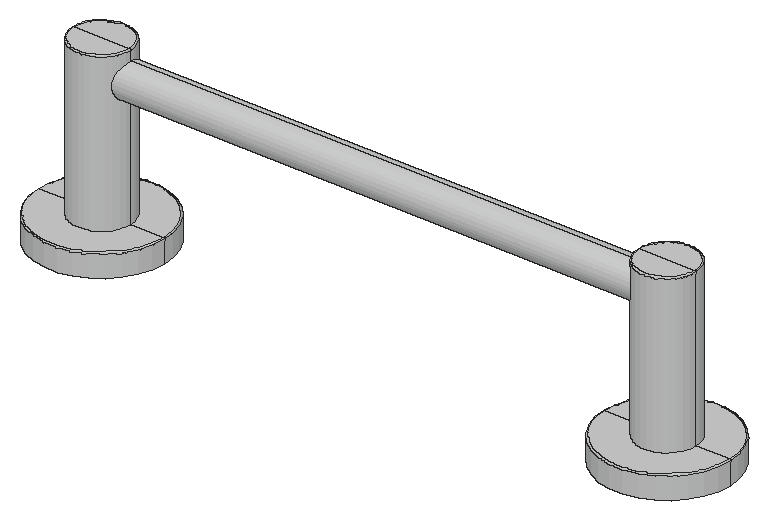
Revit family "TowelRail_Single_Abey_Builders_300_FaceBased", category Specialty Equipment, host Face, Revit 2022
Family settings
  Host = Face
  Round Connector Dimension = Use Diameter
  Part Type = Normal
  OmniClass Number = 23.31.25.25
  OmniClass Title = Towel Bars
  Cut with Voids When Loaded = No
  Maintain Annotation Orientation = No
  Shared = No
  Room Calculation Point = No
Parameters (values of type "Chrome (1AB-HTR-300)")
  Uniclass2015Version = "Products v1.38"
  Uniclass2015Title = "Towel rails"
  Uniclass2015Code = "Pr_40_20_76_90"
  URL = "https://www.abey.com.au/"
  Type Comments = "Towel Rail - Single - 300 - Chrome"
  ModifiedIssue = 20251103
  Model = "1AB-HTR-300"
  Material = Metal_Abey_Chrome
  ManufacturerURLProductSpecific = "https://www.abeyspecifier.com.au/product/abey-builders-towel-rail-300mm/"
  ManufacturerSpecCode = Model  # "1AB-HTR-300"
  ManufacturerOverallWidth = 300 mm  # constant formula
  ManufacturerOverallHeight = 55 mm  # constant formula
  ManufacturerOverallDepth = 78 mm  # constant formula
  Manufacturer = "Abey"
  Keynote = ""
  IfcExportType = "NOTDEFINED"
  IfcExportAs = "IfcFurniture"
  Description = "Abey Builders Hand Towel Rail 300mm Chrome"
  Default Elevation = 900 mm
  CreatedByURL = "https://igsgroup.com.au"
  CreatedBy = "IGS BIM Solutions"  # constant formula
  Cost = 0
  Assembly Code = "C1030210"
Types (3, lengths in mm): name | Type Comments | Model | Material | ManufacturerURLProductSpecific | ManufacturerSpecCode | Description
  Chrome (1AB-HTR-300) | "Towel Rail - Single - 300 - Chrome" | "1AB-HTR-300" | Metal_Abey_Chrome | "https://www.abeyspecifier.com.au/product/abey-builders-towel-rail-300mm/" | "1AB-HTR-300" | "Abey Builders Hand Towel Rail 300mm Chrome"
  Brushed Nickel (1AB-HTR-300-BN) | "Towel Rail - Single - 300 - Brushed Nickel" | "1AB-HTR-300-BN" | Metal_Abey_BrushedNickel | "https://www.abeyspecifier.com.au/product/abey-builders-towel-rail-300mm/?attribute_pa_finish=brushed-nickel" | "1AB-HTR-300-BN" | "Abey Builders Hand Towel Rail 300mm Brushed Nickel"
  Black (1AB-HTR-300-B) | "Towel Rail - Single - 300 - Black" | "1AB-HTR-300-B" | Metal_Abey_Black | "https://www.abeyspecifier.com.au/product/abey-builders-towel-rail-300mm/?attribute_pa_finish=black" | "1AB-HTR-300-B" | "Abey Builders Hand Towel Rail 300mm Black"
Reference planes
  plane 1 "Top": y = 46.5
  plane 2 "WallFace": z = 0
  plane 3 "Center (Left/Right)": x = -97.18
  plane 4 "Bottom": y = -8.5
  plane 5 "Left": x = -247.18
  plane 6 "Right": x = 52.82
  plane 7 "Back": z = 0
  plane 8 "Front": z = 78
  plane 9 "MountingHeight": y = 19
Text (mm)
  text "Disclaimer:\nDue to ongoing product development and manufacturing evolution, product details are subject to change without notice. Please refer to product technical data sheets on the manufacturers website for the most current product information. Please allow a +/- 5mm manufacturing tolerance for dimensions and set-outs shown in product literature." at (431.593, 11.453, 0), in view "Ref. Level"
Dimensions and locks
  equal spacing: plane 5 "Left", plane 3 "Center (Left/Right)", plane 6 "Right"
  "ManufacturerOverallWidth": plane 5 "Left" to plane 6 "Right"
  "ManufacturerOverallHeight": plane 4 "Bottom" to plane 1 "Top"
  "ManufacturerOverallDepth": plane 8 "Front" to plane 7 "Back"
  equal spacing: plane 4 "Bottom", plane 9 "MountingHeight", plane 1 "Top"
  aligned and locked: plane 2 "WallFace" to host face
  aligned and locked: level to host face
  aligned and locked: plane 7 "Back" to plane 2 "WallFace"
  aligned and locked: plane 7 "Back" to nested 1
  aligned and locked: plane 3 "Center (Left/Right)" to nested 1
  aligned and locked: nested 1 to plane 9 "MountingHeight"
Automatic sketch dimensions
  host sketch curve to host sketch curve = 894.338 mm
  host sketch curve to host sketch curve = 204.032 mm
Nested families
  nested 1: "z_TowelRail_Single_Abey_Builders_300" at (-34.68, 19, 177.5) x (1, 0, 0) z (0, 1, 0), type "Type 1"
Definition of nested family "z_TowelRail_Single_Abey_Builders_300"
  Parameters (values of type "Type 1")
    URL = "https://www.abey.com.au/"
    Type Comments = ""
    Model = ""
    ManufacturerOverallWidth = 300 mm  # constant formula
    ManufacturerOverallHeight = 55 mm  # constant formula
    ManufacturerOverallDepth = 78 mm  # constant formula
    Manufacturer = "Abey"  # constant formula
    Description = ""
    Default Elevation = 0 mm
    CreatedByURL = "https://igsgroup.com.au"
    CreatedBy = "IGS BIM Solutions"  # constant formula
    Material = none
    Assembly Code = "C1030210"
  Reference planes
    plane 1 "Ref. Level": z = 0
    plane 2 "Left": x = -212.5
    plane 3 "Right": x = 87.5
    plane 4 "Back": y = 177.5
    plane 5 "Center (Elevation)": z = 0
    plane 6 "Top": z = 27.5
    plane 7 "Center (Left/Right)": x = -62.5
    plane 8 "Front": y = 99.5
    plane 9 "Bottom": z = -27.5
  Forms (mm)
    Revolve 1, solid, material <- "Material"
      sketch origin (0, 0, 0) x (0, -1, 0) y (1, 0, 0)
        loop
          line (-177.5, -185) -> (-177.5, -212.5) -> (-168, -212.5)
          arc (-168, -212.5) -> (-167.646, -212.354) -> (-167.5, -212) r 0.5
          line (-167.5, -212) -> (-167.5, -197.5) -> (-100, -197.5)
          arc (-100, -197.5) -> (-99.646, -197.354) -> (-99.5, -197) r 0.5
          line (-99.5, -197) -> (-99.5, -185) -> (-177.5, -185)
        axis (-99.5, -185) -> (-177.5, -185)
      angle from 0 to 360
    Revolve 2, solid, material <- "Material"
      sketch origin (0, 0, 0) x (0, -1, 0) y (1, 0, 0)
        loop
          line (-177.5, 60) -> (-99.5, 60) -> (-99.5, 72)
          arc (-99.5, 72) -> (-99.646, 72.354) -> (-100, 72.5) r 0.5
          line (-100, 72.5) -> (-167.5, 72.5) -> (-167.5, 87)
          arc (-167.5, 87) -> (-167.646, 87.354) -> (-168, 87.5) r 0.5
          line (-168, 87.5) -> (-177.5, 87.5) -> (-177.5, 60)
        axis (-99.5, 60) -> (-177.5, 60)
      angle from 0 to 360
    Revolve 3, solid, material <- "Material"
      sketch origin (0, 0, 0) x (0, -1, 0) y (1, 0, 0)
        loop
          line (-104, -179.674) -> (-104, 55.895) -> (-111.5, 55.895) -> (-111.5, -179.674) -> (-104, -179.674)
        axis (-111.5, 55.895) -> (-111.5, -179.674)
      angle from 0 to 360
  Cuts and joins
    joined: Revolve 1, Revolve 2, Revolve 3
  Lines and regions (mm)
    Masking region 1
      outline origin (0, 0, 27.5) x (0, -1, 0) y (1, 0, 0)
        loop
          line (-177.5, -212.5) -> (-168, -212.5)
          arc (-168, -212.5) -> (-167.646, -212.354) -> (-167.5, -212) r 0.5
          line (-167.5, -212) -> (-167.5, -197.5) -> (-100, -197.5)
          arc (-100, -197.5) -> (-99.646, -197.354) -> (-99.5, -197) r 0.5
          line (-99.5, -197) -> (-99.5, -173)
          arc (-99.5, -173) -> (-99.646, -172.646) -> (-100, -172.5) r 0.5
          line (-100, -172.5) -> (-104, -172.5) -> (-104, 47.5) -> (-100, 47.5)
          arc (-100, 47.5) -> (-99.646, 47.646) -> (-99.5, 48) r 0.5
          line (-99.5, 48) -> (-99.5, 72)
          arc (-99.5, 72) -> (-99.646, 72.354) -> (-100, 72.5) r 0.5
          line (-100, 72.5) -> (-167.5, 72.5) -> (-167.5, 87)
          arc (-167.5, 87) -> (-167.646, 87.354) -> (-168, 87.5) r 0.5
          line (-168, 87.5) -> (-177.5, 87.5) -> (-177.5, 32.5) -> (-168, 32.5)
          arc (-168, 32.5) -> (-167.646, 32.646) -> (-167.5, 33) r 0.5
          line (-167.5, 33) -> (-167.5, 47.5) -> (-119, 47.5) -> (-119, -172.5) -> (-167.5, -172.5) -> (-167.5, -158)
          arc (-167.5, -158) -> (-167.646, -157.646) -> (-168, -157.5) r 0.5
          line (-168, -157.5) -> (-177.5, -157.5) -> (-177.5, -212.5)
    symbolic lines, detail levels medium+fine
      curve 1: line (-172.5, 119, 27.5) -> (-172.5, 104, 27.5)
      curve 2: line (47.5, 104, 27.5) -> (47.5, 119, 27.5)
      curve 3: line (-197.5, 167.5, 27.5) -> (-172.5, 167.5, 27.5)
      curve 4: line (47.5, 167.5, 27.5) -> (72.5, 167.5, 27.5)
  Dimensions and locks
    "ManufacturerOverallWidth": plane 2 "Left" to plane 3 "Right"
    equal spacing: plane 2 "Left", plane 7 "Center (Left/Right)", plane 3 "Right"
    "ManufacturerOverallDepth": plane 8 "Front" to plane 4 "Back"
    equal spacing: plane 6 "Top", plane 5 "Center (Elevation)", plane 9 "Bottom"
    "ManufacturerOverallHeight": plane 6 "Top" to plane 9 "Bottom"
    aligned and locked: level to plane 1 "Ref. Level"
  Automatic sketch dimensions
    Revolve 1 sketch curve to plane 2 "Left" = 0 mm
    plane 4 "Back" to Revolve 1 sketch curve = 0 mm  (x2)
    plane 8 "Front" to Revolve 1 sketch curve = 0 mm
    Revolve 1 sketch curve to Revolve 1 sketch curve = 9.5 mm
    plane 4 "Back" to Revolve 1 sketch curve = 10 mm
    Revolve 1 sketch curve to plane 8 "Front" = 0.5 mm
    Revolve 1 sketch curve to plane 4 "Back" = 12.5 mm
    Revolve 2 sketch curve to plane 3 "Right" = 0 mm
    plane 4 "Back" to Revolve 2 sketch curve = 0 mm  (x2)
    plane 8 "Front" to Revolve 2 sketch curve = 0 mm
    Revolve 2 sketch curve to Revolve 2 sketch curve = 9.5 mm
    plane 4 "Back" to Revolve 2 sketch curve = 10 mm
    Revolve 2 sketch curve to plane 8 "Front" = 0.5 mm
    plane 3 "Right" to Revolve 2 sketch curve = 15 mm
    Revolve 2 sketch curve to Revolve 2 sketch curve = 12 mm
    Revolve 2 sketch curve to plane 4 "Back" = 12.5 mm
    Revolve 2 sketch curve to Revolve 2 sketch curve = 0 mm
    Revolve 3 sketch curve to plane 8 "Front" = 12 mm
    Revolve 3 sketch curve to plane 8 "Front" = 4.5 mm
    plane 3 "Right" to Revolve 3 sketch curve = 31.605 mm
    Revolve 3 sketch curve to Revolve 3 sketch curve = 0 mm  (x2)
    Masking region 1 sketch curve to plane 2 "Left" = 0 mm
    plane 4 "Back" to Masking region 1 sketch curve = 0 mm  (x2)
    Masking region 1 sketch curve to plane 3 "Right" = 0 mm
    plane 8 "Front" to Masking region 1 sketch curve = 0 mm  (x2)
    plane 4 "Back" to Masking region 1 sketch curve = 9.5 mm
    Masking region 1 sketch curve to Masking region 1 sketch curve = 9.5 mm  (x3)
    Masking region 1 sketch curve to Masking region 1 sketch curve = 0.5 mm  (x3)
    plane 4 "Back" to Masking region 1 sketch curve = 10 mm  (x2)
    plane 3 "Right" to Masking region 1 sketch curve = 0.5 mm
    Masking region 1 sketch curve to plane 8 "Front" = 0.5 mm  (x2)
    Masking region 1 sketch curve to Masking region 1 sketch curve = 14.5 mm  (x3)
    Masking region 1 sketch curve to Masking region 1 sketch curve = 54.5 mm
    plane 3 "Right" to Masking region 1 sketch curve = 15.5 mm
    Masking region 1 sketch curve to plane 8 "Front" = 4.5 mm
    Masking region 1 sketch curve to Masking region 1 sketch curve = 15 mm
    Masking region 1 sketch curve to Masking region 1 sketch curve = 0 mm
    plane 4 "Back" to curve 4 = 10 mm
    plane 4 "Back" to curve 3 = 10 mm
    curve 2 to plane 8 "Front" = 19.5 mm
    curve 1 to plane 8 "Front" = 19.5 mm
    curve 2 to plane 8 "Front" = 4.5 mm
    curve 1 to plane 8 "Front" = 4.5 mm
    plane 3 "Right" to curve 2 = 40 mm
    plane 3 "Right" to curve 4 = 40 mm
    plane 3 "Right" to curve 4 = 15 mm
    plane 2 "Left" to curve 1 = 40 mm
    plane 2 "Left" to curve 3 = 40 mm
    plane 2 "Left" to curve 3 = 15 mm
    Revolve 1 sketch curve to Revolve 1 sketch curve = 14.5 mm
    Revolve 1 sketch curve to Revolve 1 sketch curve = 12 mm
    Revolve 1 sketch curve to Revolve 1 sketch curve = 0 mm
    plane 2 "Left" to Revolve 3 sketch curve = 32.826 mm
    Revolve 3 sketch curve to Revolve 3 sketch curve = 10 mm
    Masking region 1 sketch curve to Masking region 1 sketch curve = 24 mm
    Masking region 1 sketch curve to Masking region 1 sketch curve = 25 mm
